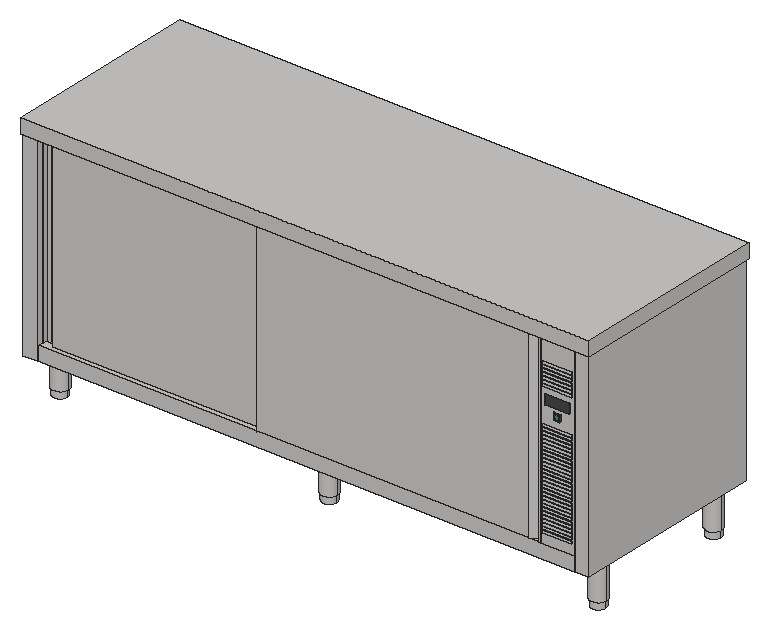
Revit family "QF_ELECTROLUXPROFESSIONAL_133092_TC2000EN", category Attrezzature speciali, Revit 2020
Family settings
  Quota connettore circolare = Usa diametro
  Tipo di parte = Normale
  Basato su piano di lavoro = No
  Sempre verticale = Sì
  Taglio con vuoti quando caricato = No
  Condiviso = No
  Punto di calcolo locali = No
Parameters (values of type "Standard")
  Weight = 75.00 kg
  Watts = 2400 W
  Volts = 220 V
  URL Manufacturer = "https://www.electroluxprofessional.com/"
  URL = "https://www.electroluxprofessional.com/"
  Steam Supply Size = 0 mm
  Steam Supply Minimum Pressure = 0.0 Pa
  Steam Supply Maximum Pressure = 0.0 Pa
  Steam Consumption per Hour = 0
  Refrigeration Suction Line Size = 0.0 mm
  Refrigeration Liquid Line Size = 0.0 mm
  Refrigerant Compressor Remote = yes
  Prospetto di default = 0.0 mm
  Produttore = "Electrolux Professional"
  Phase = 1
  Modello = "TC2000EN"
  Length Actual = 2000.0 mm  # constant formula
  Item Number = "133092"
  Hot Water Size = 0 mm
  Height Actual = 900.0 mm  # constant formula
  HP = "3.2 HP"
  Gas Size = 0 mm
  Gas KW = 0
  Gas Input Pressure = 0 W
  Direct Waste Size = 0 mm
  Descrizione = "HOT CUPBOARD 2000 MM"
  Depth Actual = 700.0 mm  # constant formula
  Cycle = 50 Hz
  Condensate Return Size = 0 mm
  Compressed Air Volume = 0.0 L/s
  Compressed Air Size = 0 mm
  Compressed Air Pressure = 0.0 Pa
  Cold Water Size = 0 mm
  Accessory = yes
Reference planes
  plane 1 "Center (Front/Back)": y = 0
  plane 2: z = 0
  plane 3 "Center (Left/Right)": x = -500
  plane 4 "LEFT": x = -1500
  plane 5 "RIGHT": x = 500
  plane 6 "BACK": y = 350
  plane 7 "FRONT": y = -350
  plane 8 "Base": z = 850
  plane 9 "TOP": z = 900
  plane 10: x = -1446.5
  plane 11: x = 446.5
  plane 12: y = 264.5
  plane 13: y = -241.5
  plane 14 "BodyLeft": x = -1494.5
  plane 15 "BodyFront": y = -344.5
  plane 16 "BodyRight": x = 494.5
  plane 17 "BodyBack": y = 344.5
  plane 18 "FEET": z = 150
  plane 19: x = 324.5
  plane 20: x = -561
  plane 21: x = 444.5
  plane 22 "EIx": x = 400
  plane 23 "EIy": y = -170
Forms (mm)
  Extrusion 1, solid, material "QF_Finishes_Stainless Steel"
    sketch origin (-500, 0, 0) x (0, 1, 0) y (0, 0, 1)
      loop
        line (-350, 850) -> (350, 850) -> (350, 900) -> (-350, 900) -> (-350, 850)
    from 1000 to -1000
  Extrusion 2, solid, material "QF_Finishes_Stainless Steel"
    sketch origin (0, 0, 150) x (-1, 0, 0) y (0, -1, 0)
      loop
        line (1494.5, -344.5) -> (1494.5, 344.5) -> (1444.5, 344.5) -> (1444.5, -344.5) -> (1494.5, -344.5)
      loop
        line (-444.5, -344.5) -> (-444.5, 344.5) -> (-494.5, 344.5) -> (-494.5, -344.5) -> (-444.5, -344.5)
    from 0 to 700
  Extrusion 3, solid, material "QF_Finishes_Stainless Steel"
    sketch origin (0, 0, 150) x (-1, 0, 0) y (0, -1, 0)
      loop
        line (1444.5, -344.5) -> (1444.5, 344.5) -> (-444.5, 344.5) -> (-444.5, -344.5) -> (1444.5, -344.5)
    from 0 to 50
  Extrusion 4, solid, material "QF_Finishes_Stainless Steel"
    sketch origin (-1, 0, 150) x (-1, 0, 0) y (0, -1, 0)
      loop
        line (-325.5, 344.5) -> (-325.5, 324.5) -> (670.5, 324.5) -> (670.5, 344.5) -> (-285.5, 344.5) -> (-305.5, 329.5) -> (-320.5, 329.5) -> (-320.5, 344.5) -> (-325.5, 344.5)
    from 50 to 700
  Extrusion 5, solid, material "QF_Finishes_Stainless Steel"
    sketch origin (1, 20, 150) x (1, 0, 0) y (0, 1, 0)
      loop
        line (-1445.5, -344.5) -> (-1440.5, -344.5) -> (-1440.5, -329.5) -> (-1425.5, -329.5) -> (-1405.5, -344.5) -> (-451.5, -344.5) -> (-451.5, -324.5) -> (-1445.5, -324.5) -> (-1445.5, -344.5)
    from 50 to 700
  Extrusion 6, solid, material "QF_Finishes_Stainless Steel"
    sketch origin (0, 0, 0) x (1, 0, 0) y (0, 1, 0)
      loop
        line (-1444.5, -304.5) -> (324.5, -304.5) -> (324.5, 324.5) -> (-1444.5, 324.5) -> (-1444.5, -304.5)
    from 500 to 540
  Extrusion 7, solid, material "QF_Finishes_Stainless Steel"
    sketch origin (0, 0, 0) x (1, 0, 0) y (0, 1, 0)
      loop
        line (444.5, 344.5) -> (-1444.5, 344.5) -> (-1444.5, 324.5) -> (444.5, 324.5) -> (444.5, 344.5)
    from 200 to 850
  Extrusion 8, solid, material "QF_Finishes_Stainless Steel"
    sketch origin (0, 0, 150) x (-1, 0, 0) y (0, -1, 0)
      loop
        circle (-400, 170) r 10
    from 0 to -5
Cuts and joins
  joined: Extrusion 3, Extrusion 7
Lines and regions (mm)
  symbolic lines
    curve 1: line (500, 350, 900) -> (-1500, 350, 900)
    curve 2: line (-1500, 350, 900) -> (-1500, -350, 900)
    curve 3: line (-1500, -350, 900) -> (500, -350, 900)
    curve 4: line (500, -350, 900) -> (500, 350, 900)
  symbolic lines, style "SpecialityEquipmentHiddenLines"
    curve 5: line (-1494.5, 344.5, 150) -> (494.5, 344.5, 150)
    curve 6: line (-1494.5, -344.5, 150) -> (-1494.5, 344.5, 150)
    curve 7: line (494.5, -344.5, 150) -> (-1494.5, -344.5, 150)
    curve 8: line (494.5, 344.5, 150) -> (494.5, -344.5, 150)
    curve 9: line (-1445.5, -304.5, 150) -> (-449.5, -304.5, 150)
    curve 10: line (-449.5, -304.5, 150) -> (-449.5, -324.5, 150)
    curve 11: line (-1445.5, -324.5, 150) -> (324.5, -324.5, 150)
    curve 12: line (324.5, -324.5, 150) -> (324.5, -344.5, 150)
    curve 13: line (-1445.5, -304.5, 150) -> (-1445.5, -324.5, 150)
    curve 14: line (-671.5, -344.5, 0) -> (-671.5, -324.5, 0)
Dimensions and locks
  plane 4 "LEFT" to plane 5 "RIGHT" = 2000.0 mm
  equal spacing: plane 4 "LEFT", plane 3 "Center (Left/Right)", plane 5 "RIGHT"
  locked: plane 8 "Base" to level at 850
  plane 9 "TOP" to level = 900.0 mm
  plane 6 "BACK" to plane 7 "FRONT" = 700.0 mm
  equal spacing: plane 6 "BACK", plane 1 "Center (Front/Back)", plane 7 "FRONT"
  locked: plane 4 "LEFT" to plane 14 "BodyLeft" at 5.5
  locked: plane 16 "BodyRight" to plane 5 "RIGHT" at 5.5
  locked: plane 15 "BodyFront" to plane 7 "FRONT" at 5.5
  locked: plane 6 "BACK" to plane 17 "BodyBack" at 5.5
  locked: plane 14 "BodyLeft" to plane 10 at 48
  locked: plane 11 to plane 16 "BodyRight" at 48
  locked: plane 13 to plane 15 "BodyFront" at 103
  locked: plane 17 "BodyBack" to plane 12 at 80
  plane 10 to plane 11 = 1893.0 mm
  plane 12 to plane 13 = 506.0 mm
  locked: plane 14 "BodyLeft" to Extrusion 2 sketch curve at 50
  locked: Extrusion 2 sketch curve to Extrusion 2 sketch curve at 50
  equal spacing: plane 10, plane 20, plane 19
  locked: plane 21 to plane 16 "BodyRight" at 50
  locked: plane 19 to plane 21 at 120
  locked: Extrusion 4 sketch curve to plane 20 at 110.5
  locked: plane 20 to Extrusion 5 sketch curve at 110.5
  locked: plane 18 "FEET" to level at 150
  locked: plane 22 "EIx" to plane 5 "RIGHT" at 100
  plane 23 "EIy" to plane 7 "FRONT" = 180.0 mm
  aligned and locked: level to plane 2
  aligned and locked: plane 10 to nested 1
  aligned and locked: nested 1 to plane 13
  aligned and locked: plane 11 to nested 2
  aligned and locked: nested 2 to plane 13
  aligned and locked: plane 11 to nested 4
  aligned and locked: nested 4 to plane 12
  aligned and locked: plane 10 to nested 3
  aligned and locked: nested 3 to plane 12
  aligned and locked: Extrusion 1 to plane 4 "LEFT"
  aligned and locked: plane 5 "RIGHT" to Extrusion 1
  aligned and locked: curve 2 to plane 4 "LEFT"
  aligned and locked: plane 17 "BodyBack" to Extrusion 2 sketch curve
  aligned and locked: Extrusion 2 sketch curve to plane 15 "BodyFront"
  aligned and locked: Extrusion 2 sketch curve to plane 14 "BodyLeft"
  aligned and locked: plane 16 "BodyRight" to Extrusion 2 sketch curve
  aligned and locked: Extrusion 2 sketch curve to plane 17 "BodyBack"
  aligned and locked: plane 15 "BodyFront" to Extrusion 2 sketch curve
  aligned and locked: Extrusion 3 sketch curve to plane 17 "BodyBack"
  aligned and locked: plane 15 "BodyFront" to Extrusion 3 sketch curve
  aligned and locked: plane 8 "Base" to Extrusion 2
  aligned and locked: plane 8 "Base" to Extrusion 4
  aligned and locked: Extrusion 4 to Extrusion 3
  aligned and locked: Extrusion 1 to plane 8 "Base"
  aligned and locked: plane 9 "TOP" to Extrusion 1
  aligned and locked: curve 5 to plane 17 "BodyBack"
  aligned and locked: plane 14 "BodyLeft" to curve 6
  aligned and locked: plane 15 "BodyFront" to curve 7
  aligned and locked: plane 16 "BodyRight" to curve 8
  aligned and locked: Extrusion 3 to Extrusion 2  (x2)
  aligned and locked: Extrusion 6 sketch curve to Extrusion 2
  aligned and locked: Extrusion 6 sketch curve to Extrusion 5
  aligned and locked: nested 5 to plane 21
  aligned and locked: Extrusion 7 sketch curve to Extrusion 2
  aligned and locked: Extrusion 6 sketch curve to plane 19
  aligned and locked: plane 3 "Center (Left/Right)" to nested 6
  aligned and locked: plane 3 "Center (Left/Right)" to nested 7
Automatic sketch dimensions
  curve 14 to plane 15 "BodyFront" = 0.0 mm
  plane 15 "BodyFront" to curve 14 = 20.0 mm
  curve 14 to plane 20 = 110.5 mm
  curve 3 to plane 7 "FRONT" = 0.0 mm
  curve 4 to plane 6 "BACK" = 0.0 mm
  Extrusion 1 sketch curve to plane 7 "FRONT" = 0.0 mm
  Extrusion 1 sketch curve to plane 6 "BACK" = 0.0 mm
  Extrusion 1 sketch curve to plane 8 "Base" = 0.0 mm
  Extrusion 1 sketch curve to plane 9 "TOP" = 0.0 mm
  Extrusion 3 sketch curve to plane 21 = 0.0 mm
  plane 10 to Extrusion 3 sketch curve = 2.0 mm
  Extrusion 4 sketch curve to plane 19 = 0.0 mm
  Extrusion 4 sketch curve to plane 15 "BodyFront" = 0.0 mm  (x2)
  Extrusion 4 sketch curve to Extrusion 4 sketch curve = 5.0 mm
  Extrusion 4 sketch curve to Extrusion 4 sketch curve = 15.0 mm  (x2)
  Extrusion 4 sketch curve to Extrusion 4 sketch curve = 20.0 mm  (x2)
  Extrusion 5 sketch curve to plane 15 "BodyFront" = 20.0 mm  (x2)
  Extrusion 5 sketch curve to plane 10 = 42.0 mm
  Extrusion 5 sketch curve to plane 10 = 22.0 mm
  Extrusion 5 sketch curve to plane 10 = 7.0 mm
  Extrusion 5 sketch curve to plane 10 = 2.0 mm
  Extrusion 5 sketch curve to Extrusion 5 sketch curve = 15.0 mm
  Extrusion 5 sketch curve to Extrusion 5 sketch curve = 20.0 mm
  plane 21 to curve 12 = 120.0 mm
  curve 7 to plane 15 "BodyFront" = 0.0 mm
  plane 3 "Center (Left/Right)" to curve 9 = 50.5 mm
  plane 10 to curve 11 = 1.0 mm
  plane 15 "BodyFront" to curve 9 = 40.0 mm
  curve 11 to curve 12 = 20.0 mm
  plane 12 to Extrusion 6 sketch curve = 60.0 mm
  Extrusion 7 sketch curve to plane 17 "BodyBack" = 0.0 mm
  Extrusion 7 sketch curve to plane 21 = 0.0 mm
  Extrusion 7 sketch curve to plane 17 "BodyBack" = 20.0 mm
  curve 4 to plane 5 "RIGHT" = 0.0 mm
  Extrusion 8 sketch curve to plane 22 "EIx" = 0.0 mm
  Extrusion 8 sketch curve to plane 23 "EIy" = 0.0 mm
  radius of Extrusion 8 sketch curve = 10.0 mm
Nested families
  nested 1: "FEET_D58-150" at (-1446.5, -241.5, 0), type "FEET_D58-150"
  nested 2: "FEET_D58-150" at (446.5, -241.5, 0), type "FEET_D58-150"
  nested 3: "FEET_D58-150" at (-1446.5, 264.5, 0), type "FEET_D58-150"
  nested 4: "FEET_D58-150" at (446.5, 264.5, 0), type "FEET_D58-150"
  nested 5: "WT_PNL120x650" at (531.42, -304.5, 600) x (1, 0, 0) z (0, -1, 0), type "WT_PNL120x650"
    with Show Logo yes
  nested 6: "FEET_D58-150" at (-500, -241.5, 0), type "FEET_D58-150"
  nested 7: "FEET_D58-150" at (-500, 264.5, 0), type "FEET_D58-150"
Connectors
  electrical at (400, -170, 145)
    settings: on Extrusion 8, index 1, voltage 0 V, apparent load 0 VA, apparent load phase1 0 VA, apparent load phase2 0 VA, apparent load phase3 0 VA, power factor 1, load classification "Other", number of poles 1, system type 30, power factor state 1, is connector primary yes, connector utility no, sub classification motor no, connector description "Electrical connection"
Definition of nested family "FEET_D58-150"
  Parameters
    Default Elevation = 0.0 mm
    FEET = 150.0 mm
  Reference planes
    plane 1 "Center (Front/Back)": y = 0
    plane 2: z = 0
    plane 3 "Center (Left/Right)": x = 0
    plane 4: z = 150
  Forms (mm)
    Extrusion 1, solid
      sketch origin (0, 0, 0) x (1, 0, 0) y (0, 1, 0)
        loop
          circle (0, 0) r 25
      from 0 to 25
    Extrusion 2, solid
      sketch origin (0, 0, 0) x (1, 0, 0) y (0, 1, 0)
        loop
          circle (0.061, 0) r 29
      from 25 to 150 <- "FEET"
  Lines and regions (mm)
    symbolic lines
      curve 1: line (0, -1.503, 0) -> (0, 1.508, 0)
      curve 2: line (1.561, 0, 0) -> (-1.439, 0, 0)
  Dimensions and locks
    "FEET": plane 4 to plane 2
    aligned and locked: level to plane 2
  Automatic sketch dimensions
    plane 1 "Center (Front/Back)" to Extrusion 1 sketch curve = 0.0 mm
    Extrusion 1 sketch curve to plane 3 "Center (Left/Right)" = 0.0 mm
    plane 1 "Center (Front/Back)" to curve 2 = 0.0 mm
    curve 1 to plane 3 "Center (Left/Right)" = 0.0 mm
    curve 2 to plane 3 "Center (Left/Right)" = 1.439 mm
    plane 3 "Center (Left/Right)" to curve 2 = 1.561 mm
    plane 1 "Center (Front/Back)" to curve 1 = 1.503 mm
    curve 1 to plane 1 "Center (Front/Back)" = 1.508 mm
    plane 1 "Center (Front/Back)" to Extrusion 2 sketch curve = 0.0 mm
    plane 3 "Center (Left/Right)" to Extrusion 2 sketch curve = 0.061 mm
    radius of Extrusion 1 sketch curve = 25.0 mm
    radius of Extrusion 2 sketch curve = 29.0 mm
Definition of nested family "WT_PNL120x650"
  Parameters
    Show Logo [instance] = yes
    Default Elevation = 1219.2 mm
  Reference planes
    plane 1 "Center (Front/Back)": y = -75
    plane 2: z = 0
    plane 3 "Center (Left/Right)": x = -146.92
    plane 4: x = -206.92
    plane 5: x = -86.92
    plane 6: y = 250
    plane 7: y = -400
    plane 8 "TOP": z = 40
  Forms (mm)
    Extrusion 1, solid
      sketch origin (0, 0, 0) x (1, 0, 0) y (0, 1, 0)
        loop
          line (-1219.2, 1219.2) -> (-1219.2, -1219.2) -> (1219.2, -1219.2) -> (1219.2, 1219.2) -> (-1219.2, 1219.2)
      from 0 to -304.8
    Extrusion 2, solid
      sketch origin (0, 0, 0) x (1, 0, 0) y (0, 1, 0)
        loop
          line (-206.92, 250) -> (-206.92, -400) -> (-86.92, -400) -> (-86.92, 250) -> (-206.92, 250)
      from 0 to 40
    Extrusion 3, void
      sketch origin (0, 0, 40) x (-1, 0, 0) y (0, -1, 0)
        loop
          arc (101.92, -68.899) -> (103.795, -73.256) -> (108.247, -74.89) r 6
          line (108.247, -74.89) -> (185.92, -74.89)
          arc (185.92, -74.89) -> (190.163, -73.133) -> (191.92, -68.89) r 6
          line (191.92, -68.89) -> (191.92, -45.89)
          arc (191.92, -45.89) -> (190.163, -41.648) -> (185.92, -39.89) r 6
          line (185.92, -39.89) -> (107.92, -39.89)
          arc (107.92, -39.89) -> (103.677, -41.648) -> (101.92, -45.89) r 6
          line (101.92, -45.89) -> (101.92, -68.899)
        loop
          line (158.92, -27.89) -> (158.92, -2.89) -> (134.92, -2.89) -> (134.92, -27.89) -> (158.92, -27.89)
      from -2 to 0
    Extrusion 4, solid
      sketch origin (0, 0, 40) x (-1, 0, 0) y (0, -1, 0)
        loop
          line (185.92, -39.89) -> (107.92, -39.89)
          arc (107.92, -39.89) -> (103.677, -41.648) -> (101.92, -45.89) r 6
          line (101.92, -45.89) -> (101.92, -68.899)
          arc (101.92, -68.899) -> (103.795, -73.256) -> (108.247, -74.89) r 6
          line (108.247, -74.89) -> (185.92, -74.89)
          arc (185.92, -74.89) -> (190.163, -73.133) -> (191.92, -68.89) r 6
          line (191.92, -68.89) -> (191.92, -45.89)
          arc (191.92, -45.89) -> (190.163, -41.648) -> (185.92, -39.89) r 6
      from -2 to 1
    Extrusion 5, solid
      sketch origin (-146.92, 0, 0) x (0, 1, 0) y (0, 0, 1)
        loop
          line (95.896, 40) -> (104.899, 40) -> (95.896, 41.206) -> (95.896, 40)
        loop
          line (107.896, 40) -> (116.899, 40) -> (107.896, 41.206) -> (107.896, 40)
        loop
          line (119.896, 40) -> (128.899, 40) -> (119.896, 41.206) -> (119.896, 40)
        loop
          line (131.896, 40) -> (140.899, 40) -> (131.896, 41.206) -> (131.896, 40)
        loop
          line (143.896, 40) -> (152.899, 40) -> (143.896, 41.206) -> (143.896, 40)
        loop
          line (155.896, 40) -> (164.899, 40) -> (155.896, 41.206) -> (155.896, 40)
        loop
          line (167.896, 40) -> (176.899, 40) -> (167.896, 41.206) -> (167.896, 40)
        loop
          line (-102.104, 40) -> (-93.101, 40) -> (-102.104, 41.206) -> (-102.104, 40)
        loop
          line (-90.104, 40) -> (-81.101, 40) -> (-90.104, 41.206) -> (-90.104, 40)
        loop
          line (-78.104, 40) -> (-69.101, 40) -> (-78.104, 41.206) -> (-78.104, 40)
        loop
          line (-66.104, 40) -> (-57.101, 40) -> (-66.104, 41.206) -> (-66.104, 40)
        loop
          line (-54.104, 40) -> (-45.101, 40) -> (-54.104, 41.206) -> (-54.104, 40)
        loop
          line (-42.104, 40) -> (-33.101, 40) -> (-42.104, 41.206) -> (-42.104, 40)
        loop
          line (-30.104, 40) -> (-21.101, 40) -> (-30.104, 41.206) -> (-30.104, 40)
        loop
          line (-174.104, 40) -> (-165.101, 40) -> (-174.104, 41.206) -> (-174.104, 40)
        loop
          line (-162.104, 40) -> (-153.101, 40) -> (-162.104, 41.206) -> (-162.104, 40)
        loop
          line (-150.104, 40) -> (-141.101, 40) -> (-150.104, 41.206) -> (-150.104, 40)
        loop
          line (-138.104, 40) -> (-129.101, 40) -> (-138.104, 41.206) -> (-138.104, 40)
        loop
          line (-126.104, 40) -> (-117.101, 40) -> (-126.104, 41.206) -> (-126.104, 40)
        loop
          line (-114.104, 40) -> (-105.101, 40) -> (-114.104, 41.206) -> (-114.104, 40)
        loop
          line (-246.104, 40) -> (-237.101, 40) -> (-246.104, 41.206) -> (-246.104, 40)
        loop
          line (-234.104, 40) -> (-225.101, 40) -> (-234.104, 41.206) -> (-234.104, 40)
        loop
          line (-222.104, 40) -> (-213.101, 40) -> (-222.104, 41.206) -> (-222.104, 40)
        loop
          line (-210.104, 40) -> (-201.101, 40) -> (-210.104, 41.206) -> (-210.104, 40)
        loop
          line (-198.104, 40) -> (-189.101, 40) -> (-198.104, 41.206) -> (-198.104, 40)
        loop
          line (-186.104, 40) -> (-177.101, 40) -> (-186.104, 41.206) -> (-186.104, 40)
        loop
          line (-318.104, 40) -> (-309.101, 40) -> (-318.104, 41.206) -> (-318.104, 40)
        loop
          line (-306.104, 40) -> (-297.101, 40) -> (-306.104, 41.206) -> (-306.104, 40)
        loop
          line (-294.104, 40) -> (-285.101, 40) -> (-294.104, 41.206) -> (-294.104, 40)
        loop
          line (-282.104, 40) -> (-273.101, 40) -> (-282.104, 41.206) -> (-282.104, 40)
        loop
          line (-270.104, 40) -> (-261.101, 40) -> (-270.104, 41.206) -> (-270.104, 40)
        loop
          line (-258.104, 40) -> (-249.101, 40) -> (-258.104, 41.206) -> (-258.104, 40)
        loop
          line (-366.104, 40) -> (-357.101, 40) -> (-366.104, 41.206) -> (-366.104, 40)
        loop
          line (-354.104, 40) -> (-345.101, 40) -> (-354.104, 41.206) -> (-354.104, 40)
        loop
          line (-342.104, 40) -> (-333.101, 40) -> (-342.104, 41.206) -> (-342.104, 40)
        loop
          line (-330.104, 40) -> (-321.101, 40) -> (-330.104, 41.206) -> (-330.104, 40)
      from -50 to 50
    Extrusion 6, solid
      sketch origin (0, 0, 40) x (-1, 0, 0) y (0, -1, 0)
        loop
          line (134.92, -27.89) -> (158.92, -27.89) -> (158.92, -2.89) -> (134.92, -2.89) -> (134.92, -27.89)
        loop
          circle (146.92, -15.39) r 9
      from -2 to 3
    Extrusion 7, solid
      sketch origin (0, 0, 40) x (-1, 0, 0) y (0, -1, 0)
        loop
          circle (146.92, -15.39) r 9
      from 0 to 3
  Cuts and joins
    Extrusion 3 cuts Extrusion 2
  Dimensions and locks
    equal spacing: plane 6, plane 1 "Center (Front/Back)", plane 7
    equal spacing: plane 4, plane 3 "Center (Left/Right)", plane 5
    plane 8 "TOP" to level = 40.0 mm
    aligned and locked: plane 2 to Extrusion 1
    aligned and locked: level to Extrusion 1
  Automatic sketch dimensions
    Extrusion 1 sketch curve to Extrusion 1 sketch curve = 2438.4 mm  (x2)
    Extrusion 2 sketch curve to plane 4 = 0.0 mm
    Extrusion 2 sketch curve to plane 5 = 0.0 mm
    Extrusion 2 sketch curve to plane 7 = 0.0 mm
    Extrusion 2 sketch curve to plane 6 = 0.0 mm
    Extrusion 5 sketch curve to plane 8 "TOP" = 0.0 mm  (x36)
    Extrusion 5 sketch curve to Extrusion 5 sketch curve = 9.003 mm  (x35)
    plane 8 "TOP" to Extrusion 5 sketch curve = 1.206 mm  (x22)
    Extrusion 5 sketch curve to Extrusion 5 sketch curve = 2.997 mm  (x33)
    plane 1 "Center (Front/Back)" to Extrusion 5 sketch curve = 6.101 mm
    plane 1 "Center (Front/Back)" to Extrusion 5 sketch curve = 3.104 mm
    Extrusion 5 sketch curve to plane 1 "Center (Front/Back)" = 5.899 mm
    Extrusion 5 sketch curve to Extrusion 5 sketch curve = 116.997 mm
    Extrusion 5 sketch curve to Extrusion 5 sketch curve = 1.206 mm  (x14)
    Extrusion 4 sketch curve to plane 5 = 15.0 mm
    Extrusion 4 sketch curve to Extrusion 4 sketch curve = 6.0 mm  (x3)
    Extrusion 4 sketch curve to Extrusion 4 sketch curve = 0.327 mm
    plane 4 to Extrusion 4 sketch curve = 21.0 mm  (x2)
    Extrusion 4 sketch curve to plane 1 "Center (Front/Back)" = 149.89 mm
    Extrusion 4 sketch curve to Extrusion 4 sketch curve = 23.009 mm
    Extrusion 3 sketch curve to plane 5 = 15.0 mm
    Extrusion 3 sketch curve to Extrusion 3 sketch curve = 6.0 mm  (x3)
    Extrusion 3 sketch curve to Extrusion 3 sketch curve = 0.327 mm
    plane 3 "Center (Left/Right)" to Extrusion 3 sketch curve = 12.0 mm
    Extrusion 3 sketch curve to plane 3 "Center (Left/Right)" = 12.0 mm
    plane 4 to Extrusion 3 sketch curve = 21.0 mm  (x2)
    Extrusion 3 sketch curve to plane 1 "Center (Front/Back)" = 149.89 mm
    Extrusion 3 sketch curve to Extrusion 3 sketch curve = 23.0 mm
    Extrusion 3 sketch curve to Extrusion 3 sketch curve = 12.0 mm
    Extrusion 3 sketch curve to Extrusion 3 sketch curve = 25.0 mm
    Extrusion 6 sketch curve to plane 3 "Center (Left/Right)" = 0.0 mm
    plane 3 "Center (Left/Right)" to Extrusion 6 sketch curve = 12.0 mm
    Extrusion 6 sketch curve to plane 3 "Center (Left/Right)" = 12.0 mm
    Extrusion 6 sketch curve to plane 1 "Center (Front/Back)" = 102.89 mm
    Extrusion 6 sketch curve to Extrusion 6 sketch curve = 12.5 mm  (x2)
    Extrusion 7 sketch curve to plane 3 "Center (Left/Right)" = 0.0 mm
    Extrusion 7 sketch curve to plane 1 "Center (Front/Back)" = 90.39 mm
    radius of Extrusion 6 sketch curve = 9.0 mm
    radius of Extrusion 7 sketch curve = 9.0 mm
